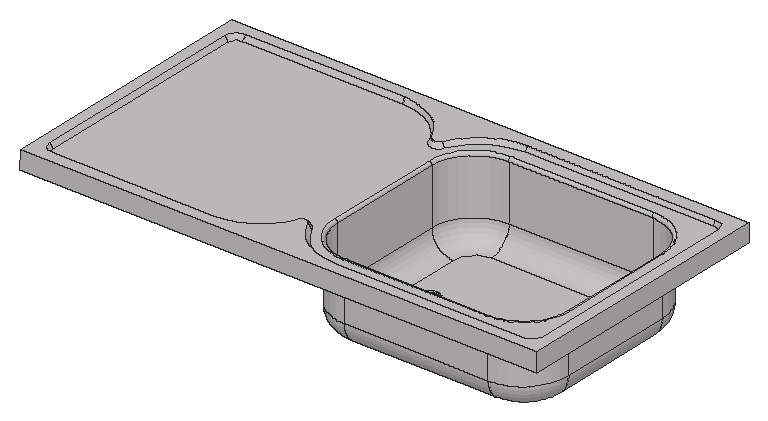
Revit family
Parameters (values of type "900 X 460")
  Waste Connection Diameter = 40 mm
  Width Of Bowl = 355 mm
  Waste Connection Radius = Waste Connection Diameter / 2  # 20 mm
  Waste Connection = 1 = 1  # yes
  WFU = 0
  Vent Connection = 1 = 0  # no
  URL = "http://www.autospec.co.za/browse.php?id=1937217983"
  Product Code = "SCO-900-SE"
  OmniClass Title = ""
  OmniClass Number = ""
  Modspec Classification = ""
  Specification = ""
  Material = Stainless Steel Grade 304
  Location (revit room) = ""
  Length Of Bowl = 400 mm
  HW Connection = 1 = 0  # no
  Description = ""
  Depth Of Bowl = 150 mm
  Colour = none
  CW Connection = 1 = 0  # no
  Body Finish = none
  Width = 460 mm
  Model = "Right Hand Sit-On Sink Single End Bowl SCO-900-SE"
  Manufacturer = "Kwikot"  # constant formula
  Length = 900 mm
  Assembly Code = "D2010410"
Reference planes
  plane 1 "Center (Front/Back)": y = 0
  plane 2 "Bottom": z = 0
  plane 3 "Center (Left/Right)": x = 0
  plane 4 "Right": x = 900
  plane 5 "Back": y = 460
  plane 6 "Top": z = 150
  plane 7: z = 118
  plane 8: x = 450
  plane 9: x = 850
  plane 10: y = 230
  plane 11: y = 407.5
  plane 12: y = 52.5
  plane 13: x = 650
  plane 14: z = 142
Forms (mm)
  Sweep 1, solid, material "Stainless Steel Grade 304" <- "Material"
    path origin (-60.109, -1524, 150) x (-1, 0, 0) y (0, -1, 0)
      loop
        line (-60.109, -1984) -> (-60.109, -1524) -> (-960.109, -1524) -> (-960.109, -1984) -> (-60.109, -1984)
    profile origin (450, 460, 150) x (0, 1, 0) y (0, 0, 1)
      loop
        line (-15, 0) -> (-15, -10.5) -> (-2.5, -10.5) -> (-2.5, -29.5) -> (-10, -29.5) -> (-10, -32) -> (0, -32) -> (0, 0) -> (-15, 0)
  Extrusion 2, solid, material "Stainless Steel Grade 304" <- "Material"
    sketch origin (-60.109, -1524, 150) x (-1, 0, 0) y (0, -1, 0)
      loop
        line (-75.109, -1539) -> (-945.109, -1539) -> (-945.109, -1969) -> (-75.109, -1969) -> (-75.109, -1539)
    from 0 to -10.5
  Extrusion 3, void
    sketch origin (-60.109, -1524, 150) x (0, -1, 0) y (-1, 0, 0)
      loop
        line (-1931.5, -585.109) -> (-1931.5, -835.109)
        arc (-1931.5, -835.109) -> (-1909.533, -888.142) -> (-1856.5, -910.109) r 75
        line (-1856.5, -910.109) -> (-1651.5, -910.109)
        arc (-1651.5, -910.109) -> (-1598.467, -888.142) -> (-1576.5, -835.109) r 75
        line (-1576.5, -835.109) -> (-1576.5, -585.109)
        arc (-1576.5, -585.109) -> (-1598.467, -532.076) -> (-1651.5, -510.109) r 75
        line (-1651.5, -510.109) -> (-1856.5, -510.109)
        arc (-1856.5, -510.109) -> (-1909.533, -532.076) -> (-1931.5, -585.109) r 75
    from 0 to 10.5
  Sweep 4, solid, material "Stainless Steel Grade 304" <- "Material"
    path origin (-60.109, -1524, 150) x (-1, 0, 0) y (0, -1, 0)
      loop
        arc (-585.109, -1931.5) -> (-532.076, -1909.533) -> (-510.109, -1856.5) r 75
        line (-510.109, -1856.5) -> (-510.109, -1651.5)
        arc (-510.109, -1651.5) -> (-532.076, -1598.467) -> (-585.109, -1576.5) r 75
        line (-585.109, -1576.5) -> (-835.109, -1576.5)
        arc (-835.109, -1576.5) -> (-888.142, -1598.467) -> (-910.109, -1651.5) r 75
        line (-910.109, -1651.5) -> (-910.109, -1856.5)
        arc (-910.109, -1856.5) -> (-888.142, -1909.533) -> (-835.109, -1931.5) r 75
        line (-835.109, -1931.5) -> (-585.109, -1931.5)
    profile origin (650, 407.5, 150) x (0, 1, 0) y (0, 0, 1)
      loop
        line (0, -10.5) -> (0, -110)
        arc (0, -110) -> (-10.983, -136.517) -> (-37.5, -147.5) r 37.5
        line (-37.5, -147.5) -> (-37.5, -150)
        arc (-37.5, -150) -> (-9.216, -138.284) -> (2.5, -110) r 40
        line (2.5, -110) -> (2.5, -10.5) -> (0, -10.5)
  Extrusion 5, solid, material "Stainless Steel Grade 304" <- "Material"
    sketch origin (0, 0, 0) x (1, 0, 0) y (0, 1, 0)
      loop
        arc (487.5, 127.5) -> (498.483, 100.983) -> (525, 90) r 37.5
        line (525, 90) -> (775, 90)
        arc (775, 90) -> (801.517, 100.983) -> (812.5, 127.5) r 37.5
        line (812.5, 127.5) -> (812.5, 332.5)
        arc (812.5, 332.5) -> (801.517, 359.017) -> (775, 370) r 37.5
        line (775, 370) -> (525, 370)
        arc (525, 370) -> (498.483, 359.017) -> (487.5, 332.5) r 37.5
        line (487.5, 332.5) -> (487.5, 127.5)
      loop
        circle (525, 230) r 20
    from 0 to 2.5
  Blend 6, void
    base sketch origin (0, 0, 150) x (-1, 0, 0) y (0, -1, 0)
      loop
        line (-20, -420) -> (-20, -40)
        arc (-20, -40) -> (-25.858, -25.858) -> (-40, -20) r 20
        line (-40, -20) -> (-317.5, -20)
        arc (-317.5, -20) -> (-376.199, -37.44) -> (-415.851, -84.103) r 107.5
        arc (-415.851, -84.103) -> (-425, -90.066) -> (-434.149, -84.103) r 10
        arc (-434.149, -84.103) -> (-473.801, -37.44) -> (-532.5, -20) r 107.5
        line (-532.5, -20) -> (-860, -20)
        arc (-860, -20) -> (-874.142, -25.858) -> (-880, -40) r 20
        line (-880, -40) -> (-880, -420)
        arc (-880, -420) -> (-874.142, -434.142) -> (-860, -440) r 20
        line (-860, -440) -> (-532.5, -440)
        arc (-532.5, -440) -> (-473.801, -422.56) -> (-434.149, -375.897) r 107.5
        arc (-434.149, -375.897) -> (-425, -369.934) -> (-415.851, -375.897) r 10
        arc (-415.851, -375.897) -> (-376.199, -422.56) -> (-317.5, -440) r 107.5
        line (-317.5, -440) -> (-40, -440)
        arc (-40, -440) -> (-25.858, -434.142) -> (-20, -420) r 20
    top sketch origin (0, 0, 150) x (-1, 0, 0) y (0, -1, 0)
      loop
        line (-25, -420) -> (-25, -40)
        arc (-25, -40) -> (-29.393, -29.393) -> (-40, -25) r 15
        line (-40, -25) -> (-317.5, -25)
        arc (-317.5, -25) -> (-373.468, -41.629) -> (-411.277, -86.121) r 102.5
        arc (-411.277, -86.121) -> (-425, -95.066) -> (-438.723, -86.121) r 15
        arc (-438.723, -86.121) -> (-476.532, -41.629) -> (-532.5, -25) r 102.5
        line (-532.5, -25) -> (-860, -25)
        arc (-860, -25) -> (-870.607, -29.393) -> (-875, -40) r 15
        line (-875, -40) -> (-875, -420)
        arc (-875, -420) -> (-870.607, -430.607) -> (-860, -435) r 15
        line (-860, -435) -> (-532.5, -435)
        arc (-532.5, -435) -> (-476.532, -418.371) -> (-438.723, -373.879) r 102.5
        arc (-438.723, -373.879) -> (-425, -364.934) -> (-411.277, -373.879) r 15
        arc (-411.277, -373.879) -> (-373.468, -418.371) -> (-317.5, -435) r 102.5
        line (-317.5, -435) -> (-40, -435)
        arc (-40, -435) -> (-29.393, -430.607) -> (-25, -420) r 15
    from 0 to -8
  Extrusion 7, solid, material "Stainless Steel Grade 304" <- "Material"
    sketch origin (0, 0, 0) x (1, 0, 0) y (0, 1, 0)
      loop
        circle (525, 230) r 20
    from 0 to -5
  Sweep 8, void
    path origin (-60.109, -1524, 150) x (-1, 0, 0) y (0, -1, 0)
      loop
        line (-835.109, -1931.5) -> (-585.109, -1931.5)
        arc (-585.109, -1931.5) -> (-532.076, -1909.533) -> (-510.109, -1856.5) r 75
        line (-510.109, -1856.5) -> (-510.109, -1651.5)
        arc (-510.109, -1651.5) -> (-532.076, -1598.467) -> (-585.109, -1576.5) r 75
        line (-585.109, -1576.5) -> (-835.109, -1576.5)
        arc (-835.109, -1576.5) -> (-888.142, -1598.467) -> (-910.109, -1651.5) r 75
        line (-910.109, -1651.5) -> (-910.109, -1856.5)
        arc (-910.109, -1856.5) -> (-888.142, -1909.533) -> (-835.109, -1931.5) r 75
    profile origin (650, 407.5, 150) x (0, -1, 0) y (0, 0, 1)
      loop
        line (0, -8) -> (-5, -8)
        arc (-5, -8) -> (-1.464, -9.464) -> (0, -13) r 5
        line (0, -13) -> (0, -8)
Cuts and joins
  Extrusion 3, Blend 6, Sweep 8 cuts Sweep 1
  Extrusion 3, Blend 6, Sweep 8 cuts Extrusion 2
  Blend 6, Sweep 8 cuts Sweep 4
  Blend 6, Sweep 8 cuts Extrusion 5
  Sweep 8 cuts Extrusion 7
  joined: Sweep 1, Extrusion 2, Sweep 4, Extrusion 5, Extrusion 7
Lines and regions (mm)
  symbolic lines
    curve 1: line (0, 460, 150) -> (0, 0, 150)
    curve 2: line (0, 0, 150) -> (900, 0, 150)
    curve 3: line (900, 0, 150) -> (900, 460, 150)
    curve 4: line (900, 460, 150) -> (0, 460, 150)
    curve 5: line (450, 332.5, 150) -> (450, 127.5, 150)
    curve 6: arc (525, 407.5, 150) -> (471.967, 385.533, 150) -> (450, 332.5, 150) r 75
    curve 7: line (775, 407.5, 150) -> (525, 407.5, 150)
    curve 8: arc (850, 332.5, 150) -> (828.033, 385.533, 150) -> (775, 407.5, 150) r 75
    curve 9: line (850, 127.5, 150) -> (850, 332.5, 150)
    curve 10: arc (775, 52.5, 150) -> (828.033, 74.467, 150) -> (850, 127.5, 150) r 75
    curve 11: line (525, 52.5, 150) -> (775, 52.5, 150)
    curve 12: arc (450, 127.5, 150) -> (471.967, 74.467, 150) -> (525, 52.5, 150) r 75
    curve 29: arc (545, 230, 150) -> (525, 210, 150) -> (505, 230, 150) r 20
    curve 30: arc (505, 230, 150) -> (525, 250, 150) -> (545, 230, 150) r 20
    curve 33: line (20, 40, 150) -> (20, 420, 150)
    curve 34: arc (20, 420, 150) -> (25.858, 434.142, 150) -> (40, 440, 150) r 20
    curve 35: line (40, 440, 150) -> (317.5, 440, 150)
    curve 36: arc (317.5, 440, 150) -> (376.199, 422.56, 150) -> (415.851, 375.897, 150) r 107.5
    curve 37: arc (415.851, 375.897, 150) -> (425, 369.934, 150) -> (434.149, 375.897, 150) r 10
    curve 38: arc (434.149, 375.897, 150) -> (473.801, 422.56, 150) -> (532.5, 440, 150) r 107.5
    curve 39: arc (532.5, 435, 150) -> (476.532, 418.371, 150) -> (438.723, 373.879, 150) r 102.5
    curve 40: arc (438.723, 373.879, 150) -> (425, 364.934, 150) -> (411.277, 373.879, 150) r 15
    curve 41: arc (411.277, 373.879, 150) -> (373.468, 418.371, 150) -> (317.5, 435, 150) r 102.5
    curve 42: line (317.5, 435, 150) -> (40, 435, 150)
    curve 43: arc (40, 435, 150) -> (29.393, 430.607, 150) -> (25, 420, 150) r 15
    curve 44: line (25, 420, 150) -> (25, 40, 150)
    curve 45: line (860, 435, 150) -> (532.5, 435, 150)
    curve 46: line (532.5, 440, 150) -> (860, 440, 150)
    curve 47: arc (875, 420, 150) -> (870.607, 430.607, 150) -> (860, 435, 150) r 15
    curve 48: arc (860, 440, 150) -> (874.142, 434.142, 150) -> (880, 420, 150) r 20
    curve 49: line (875, 40, 150) -> (875, 420, 150)
    curve 50: line (880, 420, 150) -> (880, 40, 150)
    curve 51: arc (880, 40, 150) -> (874.142, 25.858, 150) -> (860, 20, 150) r 20
    curve 52: arc (860, 25, 150) -> (870.607, 29.393, 150) -> (875, 40, 150) r 15
    curve 53: line (860, 20, 150) -> (532.5, 20, 150)
    curve 54: line (532.5, 25, 150) -> (860, 25, 150)
    curve 55: arc (532.5, 20, 150) -> (473.801, 37.44, 150) -> (434.149, 84.103, 150) r 107.5
    curve 56: arc (438.723, 86.121, 150) -> (476.532, 41.629, 150) -> (532.5, 25, 150) r 102.5
    curve 57: arc (411.277, 86.121, 150) -> (425, 95.066, 150) -> (438.723, 86.121, 150) r 15
    curve 58: arc (434.149, 84.103, 150) -> (425, 90.066, 150) -> (415.851, 84.103, 150) r 10
    curve 59: arc (415.851, 84.103, 150) -> (376.199, 37.44, 150) -> (317.5, 20, 150) r 107.5
    curve 60: arc (317.5, 25, 150) -> (373.468, 41.629, 150) -> (411.277, 86.121, 150) r 102.5
    curve 61: line (40, 25, 150) -> (317.5, 25, 150)
    curve 62: line (317.5, 20, 150) -> (40, 20, 150)
    curve 63: arc (25, 40, 150) -> (29.393, 29.393, 150) -> (40, 25, 150) r 15
    curve 64: arc (40, 20, 150) -> (25.858, 25.858, 150) -> (20, 40, 150) r 20
  model lines
    curve 13: line (400, 335, 142) -> (400, 125, 142)
    curve 14: line (50, 415, 142) -> (50, 45, 142)
    curve 15: line (50, 415, 142) -> (320, 415, 142)
    curve 16: line (50, 45, 142) -> (320, 45, 142)
    curve 17: line (372.915, 395, 142) -> (50, 395, 142)
    curve 18: line (394.162, 365, 142) -> (50, 365, 142)
    curve 19: line (400, 335, 142) -> (51.271, 335, 142)
    curve 20: line (400, 305, 142) -> (50, 305, 142)
    curve 21: line (400, 275, 142) -> (50, 275, 142)
    curve 22: line (400, 245, 142) -> (50, 245, 142)
    curve 23: line (400, 215, 142) -> (50, 215, 142)
    curve 24: line (400, 185, 142) -> (50, 185, 142)
    curve 25: line (400, 155, 142) -> (50, 155, 142)
    curve 26: line (400, 125, 142) -> (50, 125, 142)
    curve 27: line (394.162, 95, 142) -> (50, 95, 142)
    curve 28: line (372.915, 65, 142) -> (50, 65, 142)
    curve 31: arc (400, 335, 142) -> (376.569, 391.569, 142) -> (320, 415, 142) r 80
    curve 32: arc (400, 125, 142) -> (376.569, 68.431, 142) -> (320, 45, 142) r 80
Dimensions and locks
  "Length": plane 3 "Center (Left/Right)" to plane 4 "Right"
  "Width": plane 5 "Back" to plane 1 "Center (Front/Back)"
  "Depth Of Bowl": plane 6 "Top" to plane 2 "Bottom"
  equal spacing: plane 1 "Center (Front/Back)", plane 10, plane 5 "Back"
  "Length Of Bowl": plane 8 to plane 9
  "Width Of Bowl": plane 11 to plane 12
  equal spacing: plane 11, plane 10, plane 12
  equal spacing: plane 8, plane 13, plane 9
  plane 6 "Top" to plane 7 = 32 mm
  Sweep 1 sketch curve to plane 5 "Back" = 10 mm
  Sweep 1 sketch curve to plane 5 "Back" = 15 mm
  plane 6 "Top" to Sweep 1 sketch curve = 10.5 mm
  Sweep 1 sketch curve to plane 5 "Back" = 2.5 mm
  plane 7 to Sweep 1 sketch curve = 2.5 mm
  plane 3 "Center (Left/Right)" to Blend 6 sketch curve = 20 mm
  Blend 6 sketch curve to plane 4 "Right" = 20 mm
  plane 5 "Back" to Blend 6 sketch curve = 20 mm
  plane 1 "Center (Front/Back)" to Blend 6 sketch curve = 20 mm
  var sketch to Blend 6 sketch curve = 5 mm  (x3)
  Blend 6 sketch curve to var sketch = 5 mm
  plane 6 "Top" to plane 14 = 8 mm
  plane 9 to plane 4 "Right" = 50 mm
  plane 3 "Center (Left/Right)" to curve 14 = 50 mm
  plane 8 to Extrusion 5 sketch curve = 75 mm
  radius of Extrusion 3 sketch curve = 75 mm  (x4)
  radius of Sweep 4 sketch curve = 37.5 mm
  radius of Sweep 4 sketch curve = 40 mm
  "Waste Connection Radius": radius of Extrusion 5 sketch curve
  radius of Blend 6 sketch curve = 20 mm  (x4)
  radius of Blend 6 sketch curve = 15 mm  (x6)
  radius of Blend 6 sketch curve = 107.5 mm  (x4)
  radius of Blend 6 sketch curve = 10 mm  (x2)
  radius of Blend 6 sketch curve = 102.5 mm  (x4)
  aligned and locked: level to plane 2 "Bottom"
  aligned and locked: Sweep 1 sketch curve to plane 5 "Back"
  aligned and locked: plane 3 "Center (Left/Right)" to Sweep 1 sketch curve
  aligned and locked: Sweep 1 sketch curve to plane 1 "Center (Front/Back)"
  aligned and locked: plane 4 "Right" to Sweep 1 sketch curve
  aligned and locked: Sweep 1 sketch curve to profile plane
  aligned and locked: plane 7 to Sweep 1 sketch curve
  aligned and locked: profile plane to Sweep 1 sketch curve
  aligned and locked: Extrusion 2 sketch curve to Sweep 1  (x4)
  aligned and locked: Sweep 1 to Extrusion 2
  aligned and locked: plane 6 "Top" to Extrusion 2
  aligned and locked: plane 11 to Extrusion 3 sketch curve
  aligned and locked: Extrusion 3 sketch curve to plane 8
  aligned and locked: Extrusion 3 sketch curve to plane 12
  aligned and locked: plane 9 to Extrusion 3 sketch curve
  aligned and locked: Sweep 1 to Extrusion 3
  aligned and locked: plane 6 "Top" to Extrusion 3
  aligned and locked: Sweep 4 sketch curve to cut or joined group of Sweep 1, Extrusion 2, Extrusion 3, Sweep 4, Extrusion 5, Blend 6, Extrusion 7, Sweep 8  (x5)
  aligned and locked: cut or joined group of Sweep 1, Extrusion 2, Extrusion 3, Sweep 4, Extrusion 5, Blend 6, Extrusion 7, Sweep 8 to Sweep 4 sketch curve
  aligned and locked: plane 2 "Bottom" to Sweep 4 sketch curve
  aligned and locked: Extrusion 5 sketch curve to cut or joined group of Sweep 1, Extrusion 2, Extrusion 3, Sweep 4, Extrusion 5, Blend 6, Extrusion 7, Sweep 8  (x4)
  aligned and locked: plane 10 to Extrusion 5 sketch curve
  aligned and locked: curve 1 to cut or joined group of Sweep 1, Extrusion 2, Extrusion 3, Sweep 4, Extrusion 5, Blend 6, Extrusion 7, Sweep 8
  aligned and locked: curve 2 to cut or joined group of Sweep 1, Extrusion 2, Extrusion 3, Sweep 4, Extrusion 5, Blend 6, Extrusion 7, Sweep 8
  aligned and locked: curve 3 to cut or joined group of Sweep 1, Extrusion 2, Extrusion 3, Sweep 4, Extrusion 5, Blend 6, Extrusion 7, Sweep 8
  aligned and locked: curve 4 to cut or joined group of Sweep 1, Extrusion 2, Extrusion 3, Sweep 4, Extrusion 5, Blend 6, Extrusion 7, Sweep 8
  aligned and locked: curve 6 to cut or joined group of Sweep 1, Extrusion 2, Extrusion 3, Sweep 4, Extrusion 5, Blend 6, Extrusion 7, Sweep 8
  aligned and locked: curve 8 to cut or joined group of Sweep 1, Extrusion 2, Extrusion 3, Sweep 4, Extrusion 5, Blend 6, Extrusion 7, Sweep 8
  aligned and locked: curve 10 to cut or joined group of Sweep 1, Extrusion 2, Extrusion 3, Sweep 4, Extrusion 5, Blend 6, Extrusion 7, Sweep 8
  aligned and locked: curve 12 to cut or joined group of Sweep 1, Extrusion 2, Extrusion 3, Sweep 4, Extrusion 5, Blend 6, Extrusion 7, Sweep 8
  aligned and locked: Extrusion 7 sketch curve to cut or joined group of Sweep 1, Extrusion 2, Extrusion 3, Sweep 4, Extrusion 5, Blend 6, Extrusion 7, Sweep 8  (x2)
  aligned and locked: Sweep 8 sketch curve to cut or joined group of Sweep 1, Extrusion 2, Extrusion 3, Sweep 4, Extrusion 5, Blend 6, Extrusion 7, Sweep 8  (x4)
  aligned and locked: profile plane to Sweep 8 sketch curve
  aligned and locked: cut or joined group of Sweep 1, Extrusion 2, Extrusion 3, Sweep 4, Extrusion 5, Blend 6, Extrusion 7, Sweep 8 to Sweep 8 sketch curve
  aligned and locked: Blend 6 to Sweep 8
  aligned and locked: curve 29 to cut or joined group of Sweep 1, Extrusion 2, Extrusion 3, Sweep 4, Extrusion 5, Blend 6, Extrusion 7, Sweep 8
  aligned and locked: curve 30 to cut or joined group of Sweep 1, Extrusion 2, Extrusion 3, Sweep 4, Extrusion 5, Blend 6, Extrusion 7, Sweep 8
  aligned and locked: Blend 6 sketch curve to Blend 6 sketch curve  (x4)
  aligned and locked: curve 34 to cut or joined group of Sweep 1, Extrusion 2, Extrusion 3, Sweep 4, Extrusion 5, Blend 6, Extrusion 7, Sweep 8
  aligned and locked: curve 36 to cut or joined group of Sweep 1, Extrusion 2, Extrusion 3, Sweep 4, Extrusion 5, Blend 6, Extrusion 7, Sweep 8
  aligned and locked: curve 37 to cut or joined group of Sweep 1, Extrusion 2, Extrusion 3, Sweep 4, Extrusion 5, Blend 6, Extrusion 7, Sweep 8
  aligned and locked: curve 38 to cut or joined group of Sweep 1, Extrusion 2, Extrusion 3, Sweep 4, Extrusion 5, Blend 6, Extrusion 7, Sweep 8
  aligned and locked: curve 39 to cut or joined group of Sweep 1, Extrusion 2, Extrusion 3, Sweep 4, Extrusion 5, Blend 6, Extrusion 7, Sweep 8
  aligned and locked: curve 40 to cut or joined group of Sweep 1, Extrusion 2, Extrusion 3, Sweep 4, Extrusion 5, Blend 6, Extrusion 7, Sweep 8
  aligned and locked: curve 41 to cut or joined group of Sweep 1, Extrusion 2, Extrusion 3, Sweep 4, Extrusion 5, Blend 6, Extrusion 7, Sweep 8
  aligned and locked: curve 43 to cut or joined group of Sweep 1, Extrusion 2, Extrusion 3, Sweep 4, Extrusion 5, Blend 6, Extrusion 7, Sweep 8
  aligned and locked: curve 47 to cut or joined group of Sweep 1, Extrusion 2, Extrusion 3, Sweep 4, Extrusion 5, Blend 6, Extrusion 7, Sweep 8
  aligned and locked: curve 48 to cut or joined group of Sweep 1, Extrusion 2, Extrusion 3, Sweep 4, Extrusion 5, Blend 6, Extrusion 7, Sweep 8
  aligned and locked: curve 51 to cut or joined group of Sweep 1, Extrusion 2, Extrusion 3, Sweep 4, Extrusion 5, Blend 6, Extrusion 7, Sweep 8
  aligned and locked: curve 52 to cut or joined group of Sweep 1, Extrusion 2, Extrusion 3, Sweep 4, Extrusion 5, Blend 6, Extrusion 7, Sweep 8
  aligned and locked: curve 55 to cut or joined group of Sweep 1, Extrusion 2, Extrusion 3, Sweep 4, Extrusion 5, Blend 6, Extrusion 7, Sweep 8
  aligned and locked: curve 56 to cut or joined group of Sweep 1, Extrusion 2, Extrusion 3, Sweep 4, Extrusion 5, Blend 6, Extrusion 7, Sweep 8
  aligned and locked: curve 57 to cut or joined group of Sweep 1, Extrusion 2, Extrusion 3, Sweep 4, Extrusion 5, Blend 6, Extrusion 7, Sweep 8
  aligned and locked: curve 58 to cut or joined group of Sweep 1, Extrusion 2, Extrusion 3, Sweep 4, Extrusion 5, Blend 6, Extrusion 7, Sweep 8
  aligned and locked: curve 59 to cut or joined group of Sweep 1, Extrusion 2, Extrusion 3, Sweep 4, Extrusion 5, Blend 6, Extrusion 7, Sweep 8
  aligned and locked: curve 60 to cut or joined group of Sweep 1, Extrusion 2, Extrusion 3, Sweep 4, Extrusion 5, Blend 6, Extrusion 7, Sweep 8
  aligned and locked: curve 63 to cut or joined group of Sweep 1, Extrusion 2, Extrusion 3, Sweep 4, Extrusion 5, Blend 6, Extrusion 7, Sweep 8
  aligned and locked: curve 64 to cut or joined group of Sweep 1, Extrusion 2, Extrusion 3, Sweep 4, Extrusion 5, Blend 6, Extrusion 7, Sweep 8
Automatic sketch dimensions
  Sweep 4 sketch curve to Sweep 4 sketch curve = 0 mm
  profile plane to Sweep 8 sketch curve = 5 mm
  Sweep 8 sketch curve to Sweep 8 sketch curve = 5 mm  (x2)
  Sweep 8 sketch curve to Sweep 8 sketch curve = 0 mm
  Sweep 8 sketch curve to profile plane = 0 mm
  curve 19 to curve 18 = 1.271 mm
  plane 12 to curve 28 = 12.5 mm
  curve 17 to plane 11 = 12.5 mm
  curve 32 to plane 12 = 7.5 mm
  curve 32 to plane 8 = 130 mm
  curve 13 to curve 20 = 30 mm
  curve 20 to curve 21 = 30 mm
  plane 10 to curve 22 = 15 mm
  curve 23 to plane 10 = 15 mm
  curve 23 to curve 24 = 30 mm
  curve 25 to curve 26 = 30 mm
  curve 31 to curve 18 = 5.838 mm
  curve 18 to curve 17 = 21.247 mm
  curve 31 to plane 8 = 130 mm
  curve 13 to curve 27 = 5.838 mm
  curve 17 to curve 15 = 52.915 mm
  plane 8 to Blend 6 sketch curve = 82.5 mm
  Blend 6 sketch curve to plane 8 = 15.851 mm  (x2)
  Blend 6 sketch curve to Blend 6 sketch curve = 0 mm  (x7)
  Blend 6 sketch curve to Blend 6 sketch curve = 9.149 mm
  Blend 6 sketch curve to Blend 6 sketch curve = 4.037 mm
  Blend 6 sketch curve to plane 8 = 11.277 mm  (x2)
  Blend 6 sketch curve to Blend 6 sketch curve = 13.723 mm  (x2)
Connectors
  piping at (525, 230, -5), driven by "Waste Connection Radius", driven by "WFU"
    settings: on cut or joined group of Sweep 1, Extrusion 2, Extrusion 3, Sweep 4, Extrusion 5, Blend 6, Extrusion 7, Sweep 8, index 1, connector radius 20 mm, flow factor 0, pipe flow 0.0 L/s, pressure drop 0.0 Pa, fitting loss kfactor 0, connector angle 0.00°, fixture units 0, flow configuration 3, flow direction 2, fitting loss method 4, system type 16, connector reference index -1, connector utility 0, adjustable connector no, is connector primary yes, fitting loss table "", connector description "Waste Connection"
